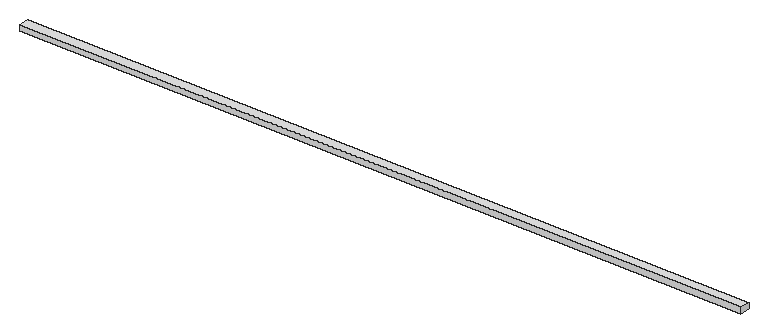
Revit family "MarshallTufflex_ElectricalFittings_TrunkingDado_Mini_MMT4a", category Generic Models, host Face, Revit 2016 (continued)
Definition of nested family "MarshallTufflex_ElectricalFittings_TrunkingDado_RadiusEqualTeeAssembly"
  Parameters (values of type "MarshallTufflex_ElectricalFittings_TrunkingDado_Mini_RadiusEqualTeeAssembly_TDT4-4")
    ModelReference = "Mini"
    ModelNumber = "TDT4-4"
    Model = "Mini"
    MaterialIngredientReporting = "n/a"
    Material = "PVCu"
    ManufacturerWebsite = "www.marshall-tufflex.com"
    ManufacturerName = "Marshall-Tufflex Ltd"
    Manufacturer = "Marshall-Tufflex Ltd"
    LocationOfManufacturer = "N 50°52'39\" E 0°31'41\""
    LifeCycleAnalysis = "n/a"
    LidConfiguration = "Tamper Proof"
    Keynote = "V90"
    InstallationDate [instance] = "Please Record On Commisioning"
    IfcExportType = "IfcCableSegmentType"
    IfcExportAs = "IfcFlowSegment"
    GrossWeight = 0
    GreenGuideforSpecification = 0
    Grade = "n/a"
    Fittings = "www.marshall-tufflex.com"
    Finish = "Matt"
    Features = "Variety of sizes, self-fixing and punched options"
    ExpectedLife = 0
    ErPEnergyLabel = "n/a"
    EnvironmentalProductDeclaration = "n/a"
    EnergyTechnologyList = "n/a"
    EnclosureRating = "IP4X"
    EmbodiedCarbon = 0
    DurationUnit = "Years"
    DocumentationTechnical = "www.marshall-tufflex.com"
    DocumentationMaintenance = "www.marshall-tufflex.com"
    DocumentationLiterature = "www.marshall-tufflex.com"
    DocumentationInstallationGuide = "www.marshall-tufflex.com"
    DocumentationCertificates = "www.marshall-tufflex.com"
    Description = "Trunking Dado MT Mini Radius Equal Tee Assembly TDT4-4"
    Default Elevation = 1200.000 mm
    Daily [instance] = "Please Record On Commisioning"
    CreatedOn = "2018-11-26T09:00:00"
    CreatedBy = "Sales@marshall-tufflex.com"
    Cost = 0
    Constituents = "Mini Trunking"
    Compartments = "No"
    Colour = "White (RAL9003)"
    Color = "White (RAL9003)"
    CodePerformance = "n/a"
    ClassificationValue = "Pr_65_70_11_61"
    ClassificationName = "Uniclass2015"
    CEApproval = "Yes"
    BespokeTimeframe [instance] = "Please Record On Commisioning"
    BarCode [instance] = "Please Record On Commisioning"
    BIMObjectName = "MarshallTufflex_ElectricalFittings_TrunkingDado_Mini_RadiusEqualTeeAssembly_TDT4-4"
    AssetType = "Fixed"
    AssetIdentifier [instance] = "Please Record On Commisioning"
    Assembly Code = "D5010"
    Annually [instance] = "Please Record On Commisioning"
    AccessoryBoxDepth = "n/a"
    Accessories = "www.marshall-tufflex.com"
    AccessibilityPerformance = "n/a"
    AccessClearanceTop = 0.000 mm
    AccessClearanceRight = 0.000 mm
    AccessClearanceRear = 0.000 mm
    AccessClearanceLeft = 0.000 mm
    AccessClearanceFront = 0.000 mm
    AccessClearanceBottom = 0.000 mm
    6Monthly [instance] = "Please Record On Commisioning"
  Reference planes
    plane 1 "Center (Front/Back)": y = 0
    plane 2: z = 0
    plane 3 "Center (Left/Right)": x = 0
    plane 4: y = 20.5
    plane 5: y = -20.5
    plane 6: x = 107
    plane 7: x = 66
    plane 8: z = 27
    plane 9: y = 84.5
    plane 10: y = -84.5
    plane 11: x = 86.5
  Forms (mm)
    Extrusion 1, solid
      sketch origin (0, 0, 0) x (1, 0, 0) y (0, 1, 0)
        loop
          line (-1219.2, 1219.2) -> (-1219.2, -1219.2) -> (1219.2, -1219.2) -> (1219.2, 1219.2) -> (-1219.2, 1219.2)
      from 0 to -304.8
    Extrusion 2, solid
      sketch origin (0, 0, 0) x (1, 0, 0) y (0, 1, 0)
        loop
          line (0, 20.5) -> (0, -20.5) -> (21, -20.5)
          arc (21, -20.5) -> (52.82, -33.68) -> (66, -65.5) r 45
          line (66, -65.5) -> (66, -84.5) -> (107, -84.5) -> (107, 84.5) -> (66, 84.5) -> (66, 65.5)
          arc (66, 65.5) -> (52.82, 33.68) -> (21, 20.5) r 45
          line (21, 20.5) -> (0, 20.5)
      from 0 to 27
  Dimensions and locks
    equal spacing: plane 4, plane 1 "Center (Front/Back)", plane 5
    "NominalDepth": plane 4 to plane 5
    "NominalDepth": plane 7 to plane 6
    "OverallWidth": plane 3 "Center (Left/Right)" to plane 6
    "NominalHeight": Extrusion 1 to plane 8
    equal spacing: plane 9, plane 1 "Center (Front/Back)", plane 10
    "OverallLength": plane 9 to plane 10
    "NominalLength": plane 7 to plane 11
    aligned and locked: plane 2 to Extrusion 1
    aligned and locked: level to Extrusion 1
    aligned and locked: Extrusion 2 sketch curve to plane 7  (x2)
    aligned and locked: plane 9 to Extrusion 2 sketch curve
    aligned and locked: Extrusion 2 sketch curve to plane 4
    aligned and locked: plane 3 "Center (Left/Right)" to Extrusion 2 sketch curve
    aligned and locked: plane 5 to Extrusion 2 sketch curve
    aligned and locked: Extrusion 2 sketch curve to plane 10
    aligned and locked: Extrusion 2 sketch curve to plane 6
    aligned and locked: plane 8 to Extrusion 2
  Automatic sketch dimensions
    Extrusion 1 sketch curve to Extrusion 1 sketch curve = 2438.400 mm  (x2)
    plane 10 to Extrusion 2 sketch curve = 19.000 mm
    plane 3 "Center (Left/Right)" to Extrusion 2 sketch curve = 21.000 mm
Definition of nested family "MarshallTufflex_ElectricalFittings_TrunkingDado_RadiusEqualTeeCover"
  Parameters (values of type "MarshallTufflex_ElectricalFittings_TrunkingDado_Mini_RadiusEqualTeeCover_TDT4-4C")
    _DistributedBy = "www.bimstore.co.uk"
    _CurrentRevision = 1
    _CreatedBy = "www.marshall-tufflex.com"
    _BimSpecGuid = 0
    _BSBibleVersion = 15
    _AuthorizedBy = ""
    _Author = "Marshall-Tufflex Ltd"
    Weekly [instance] = "Please Record On Commisioning"
    WarrantyStartDate [instance] = "Please Record On Commisioning"
    WarrantyID [instance] = "Please Record On Commisioning"
    WarrantyGuarantorParts = "Sales@marshall-tufflex.com"
    WarrantyGuarantorLabor [instance] = "Please Record On Commisioning"
    WarrantyDurationUnit = "Years"
    WarrantyDurationParts = 0
    WarrantyDurationLabor = 0
    WarrantyDescription [instance] = "Please Record On Commisioning"
    URL = "www.marshall-tufflex.com"
    TypeName = "Marshall Tufflex Electrical Fitting Trunking Dado Mini"
    Type Comments = "Dado Trunking MMT4 Radius Equal Tee Cover"
    Type = "Trunking"
    Sub-Type = "Fitting"
    SpareParts = "Sales@marshall-tufflex.com"
    ShippingWeight = 0
    Shape = "41x27mm"
    SerialNumber [instance] = "Please Record On Commisioning"
    ResponsibleSourcingOfMaterials = "n/a"
    ResponsibleExtractionOfMaterials = "n/a"
    ReplacementCost = "Sales@marshall-tufflex.com"
    ReferencedStandard = "BS EN 50085-1"
    ReferenceStandard = "BS EN 50085-1"
    Quarterly [instance] = "Please Record On Commisioning"
    ProductionYear = "2018"
    ProductRange = "Mini"
    ProductModelNumber = "TDT4-4C"
    ProductLiterature = "www.marshall-tufflex.com"
    OverallWidth = 107.000 mm
    OverallLength = 169.000 mm
    OverallHeight = 27.000 mm
    O&Mmanual = "www.marshall-tufflex.com"
    NominalLength = NominalDepth / 2  # 20.500 mm
    NominalHeight = 27.000 mm
    NominalDepth = 41.000 mm
    NBSReference = "90-55-10/390"
    NBSOfficeMasterTag = "n/a"
    NBSObjectName = "MT MiniRadiusEqualTeeCoverTDT4-4C"
    NBSNote = ""
    NBSDescription = "Proprietry Tunking"
    Monthly [instance] = "Please Record On Commisioning"
    ModelReference = "Mini"
    ModelNumber = "TDT4-4C"
    Model = "Mini"
    MaterialIngredientReporting = "n/a"
    Material = "PVCu"
    ManufacturerWebsite = "www.marshall-tufflex.com"
    ManufacturerName = "Marshall-Tufflex Ltd"
    Manufacturer = "Marshall-Tufflex Ltd"
    LocationOfManufacturer = "N 50°52'39\" E 0°31'41\""
    LifeCycleAnalysis = "n/a"
    LidConfiguration = "Tamper Proof"
    Keynote = "V90"
    InstallationDate [instance] = "Please Record On Commisioning"
    IfcExportType = "IfcCableSegmentType"
    IfcExportAs = "IfcFlowSegment"
    GrossWeight = 0
    GreenGuideforSpecification = 0
    Grade = "n/a"
    Fittings = "www.marshall-tufflex.com"
    Finish = "Matt"
    Features = "Variety of sizes, self-fixing and punched options"
    ExpectedLife = 0
    ErPEnergyLabel = "n/a"
    EnvironmentalProductDeclaration = "n/a"
    EnergyTechnologyList = "n/a"
    EnclosureRating = "IP4X"
    EmbodiedCarbon = 0
    DurationUnit = "Years"
    DocumentationTechnical = "www.marshall-tufflex.com"
    DocumentationMaintenance = "www.marshall-tufflex.com"
    DocumentationLiterature = "www.marshall-tufflex.com"
    DocumentationInstallationGuide = "www.marshall-tufflex.com"
    DocumentationCertificates = "www.marshall-tufflex.com"
    Description = "Trunking Dado MT Mini Radius Equal Tee Cover TDT4-4C"
    Default Elevation = 1200.000 mm
    Daily [instance] = "Please Record On Commisioning"
    CreatedOn = "2018-11-26T09:00:00"
    CreatedBy = "Sales@marshall-tufflex.com"
    Cost = 0
    Constituents = "Mini Trunking"
    Compartments = "No"
    Colour = "White (RAL9003)"
    Color = "White (RAL9003)"
    CodePerformance = "n/a"
    ClassificationValue = "Pr_65_70_11_61"
    ClassificationName = "Uniclass2015"
    CEApproval = "Yes"
    BespokeTimeframe [instance] = "Please Record On Commisioning"
    BarCode [instance] = "Please Record On Commisioning"
    BIMObjectName = "MarshallTufflex_ElectricalFittings_TrunkingDado_Mini_RadiusEqualTeeCover_TDT4-4C"
    AssetType = "Fixed"
    AssetIdentifier [instance] = "Please Record On Commisioning"
    Assembly Code = "D5010"
    Annually [instance] = "Please Record On Commisioning"
    AccessoryBoxDepth = "n/a"
    Accessories = "www.marshall-tufflex.com"
    AccessibilityPerformance = "n/a"
    AccessClearanceTop = 0.000 mm
    AccessClearanceRight = 0.000 mm
    AccessClearanceRear = 0.000 mm
    AccessClearanceLeft = 0.000 mm
    AccessClearanceFront = 0.000 mm
    AccessClearanceBottom = 0.000 mm
    6Monthly [instance] = "Please Record On Commisioning"
  Reference planes
    plane 1 "Center (Front/Back)": y = 0
    plane 2: z = 0
    plane 3 "Center (Left/Right)": x = 0
    plane 4: y = 20.5
    plane 5: y = -20.5
    plane 6: x = 107
    plane 7: x = 66
    plane 8: z = 27
    plane 9: y = 84.5
    plane 10: y = -84.5
    plane 11: x = 86.5
  Forms (mm)
    Extrusion 1, solid
      sketch origin (0, 0, 0) x (1, 0, 0) y (0, 1, 0)
        loop
          line (-1219.2, 1219.2) -> (-1219.2, -1219.2) -> (1219.2, -1219.2) -> (1219.2, 1219.2) -> (-1219.2, 1219.2)
      from 0 to -304.8
    Extrusion 2, solid
      sketch origin (0, 0, 0) x (1, 0, 0) y (0, 1, 0)
        loop
          line (0, 20.5) -> (0, -20.5) -> (21, -20.5)
          arc (21, -20.5) -> (52.82, -33.68) -> (66, -65.5) r 45
          line (66, -65.5) -> (66, -84.5) -> (107, -84.5) -> (107, 84.5) -> (66, 84.5) -> (66, 65.5)
          arc (66, 65.5) -> (52.82, 33.68) -> (21, 20.5) r 45
          line (21, 20.5) -> (0, 20.5)
      from 0 to 27
  Dimensions and locks
    equal spacing: plane 4, plane 1 "Center (Front/Back)", plane 5
    "NominalDepth": plane 4 to plane 5
    "NominalDepth": plane 7 to plane 6
    "OverallWidth": plane 3 "Center (Left/Right)" to plane 6
    "NominalHeight": Extrusion 1 to plane 8
    equal spacing: plane 9, plane 1 "Center (Front/Back)", plane 10
    "OverallLength": plane 9 to plane 10
    "NominalLength": plane 7 to plane 11
    aligned and locked: plane 2 to Extrusion 1
    aligned and locked: level to Extrusion 1
    aligned and locked: Extrusion 2 sketch curve to plane 7  (x2)
    aligned and locked: plane 9 to Extrusion 2 sketch curve
    aligned and locked: Extrusion 2 sketch curve to plane 4
    aligned and locked: plane 3 "Center (Left/Right)" to Extrusion 2 sketch curve
    aligned and locked: plane 5 to Extrusion 2 sketch curve
    aligned and locked: Extrusion 2 sketch curve to plane 10
    aligned and locked: Extrusion 2 sketch curve to plane 6
    aligned and locked: plane 8 to Extrusion 2
  Automatic sketch dimensions
    Extrusion 1 sketch curve to Extrusion 1 sketch curve = 2438.400 mm  (x2)
    plane 10 to Extrusion 2 sketch curve = 19.000 mm
    plane 3 "Center (Left/Right)" to Extrusion 2 sketch curve = 21.000 mm
Definition of nested family "MarshallTufflex_ElectricalFittings_TrunkingDado_SquareUnequalTee"
  Parameters (values of type "MarshallTufflex_ElectricalFittings_TrunkingDado_Mini_SquareUnequalTee_TT4-3")
    _DistributedBy = "www.bimstore.co.uk"
    _CurrentRevision = 1
    _CreatedBy = "www.marshall-tufflex.com"
    _BimSpecGuid = 0
    _BSBibleVersion = 15
    _AuthorizedBy = ""
    _Author = "Marshall-Tufflex Ltd"
    Weekly [instance] = "Please Record On Commisioning"
    WarrantyStartDate [instance] = "Please Record On Commisioning"
    WarrantyID [instance] = "Please Record On Commisioning"
    WarrantyGuarantorParts = "Sales@marshall-tufflex.com"
    WarrantyGuarantorLabor [instance] = "Please Record On Commisioning"
    WarrantyDurationUnit = "Years"
    WarrantyDurationParts = 0
    WarrantyDurationLabor = 0
    WarrantyDescription [instance] = "Please Record On Commisioning"
    URL = "www.marshall-tufflex.com"
    TypeName = "Marshall Tufflex Electrical Fitting Trunking Dado Mini"
    Type Comments = "Dado Trunking MMT4/MMT3 Square Unequal Tee"
    Type = "Trunking"
    Sub-Type = "Fitting"
    SpareParts = "Sales@marshall-tufflex.com"
    ShippingWeight = 0
    Shape = "41x27mm"
    SerialNumber [instance] = "Please Record On Commisioning"
    ResponsibleSourcingOfMaterials = "n/a"
    ResponsibleExtractionOfMaterials = "n/a"
    ReplacementCost = "Sales@marshall-tufflex.com"
    ReferencedStandard = "BS EN 50085-1"
    ReferenceStandard = "BS EN 50085-1"
    Quarterly [instance] = "Please Record On Commisioning"
    ProductionYear = "2018"
    ProductRange = "Mini"
    ProductModelNumber = "TT4-3"
    ProductLiterature = "www.marshall-tufflex.com"
    OverallWidth = 57.000 mm
    OverallLength = 73.000 mm
    OverallHeight = 18.000 mm
    O&Mmanual = "www.marshall-tufflex.com"
    NominalLength = NominalDepth / 2  # 20.500 mm
    NominalHeight = 27.000 mm
    NominalDepth2 = 41.000 mm
    NominalDepth = 41.000 mm
    NBSReference = "90-55-10/390"
    NBSOfficeMasterTag = "n/a"
    NBSObjectName = "MT MiniSquareUnequalTeeTT4-3"
    NBSNote = ""
    NBSDescription = "Proprietry Tunking"
    Monthly [instance] = "Please Record On Commisioning"
    ModelReference = "Mini"
    ModelNumber = "TT4-3"
    Model = "Mini"
    MaterialIngredientReporting = "n/a"
    Material = "PVCu"
    ManufacturerWebsite = "www.marshall-tufflex.com"
    ManufacturerName = "Marshall-Tufflex Ltd"
    Manufacturer = "Marshall-Tufflex Ltd"
    LocationOfManufacturer = "N 50°52'39\" E 0°31'41\""
    LifeCycleAnalysis = "n/a"
    LidConfiguration = "Tamper Proof"
    Keynote = "V90"
    InstallationDate [instance] = "Please Record On Commisioning"
    IfcExportType = "IfcCableSegmentType"
    IfcExportAs = "IfcFlowSegment"
    GrossWeight = 0
    GreenGuideforSpecification = 0
    Grade = "n/a"
    Fittings = "www.marshall-tufflex.com"
    Finish = "Matt"
    Features = "Variety of sizes, self-fixing and punched options"
    ExpectedLife = 0
    ErPEnergyLabel = "n/a"
    EnvironmentalProductDeclaration = "n/a"
    EnergyTechnologyList = "n/a"
    EnclosureRating = "IP4X"
    EmbodiedCarbon = 0
    DurationUnit = "Years"
    DocumentationTechnical = "www.marshall-tufflex.com"
    DocumentationMaintenance = "www.marshall-tufflex.com"
    DocumentationLiterature = "www.marshall-tufflex.com"
    DocumentationInstallationGuide = "www.marshall-tufflex.com"
    DocumentationCertificates = "www.marshall-tufflex.com"
    Description = "Trunking Dado MT Mini Square Unequal Tee TT4-3"
    Default Elevation = 1200.000 mm
    Daily [instance] = "Please Record On Commisioning"
    CreatedOn = "2018-11-26T09:00:00"
    CreatedBy = "Sales@marshall-tufflex.com"
    Cost = 0
    Constituents = "Mini Trunking"
    Compartments = "No"
    Colour = "White (RAL9003)"
    Color = "White (RAL9003)"
    CodePerformance = "n/a"
    ClassificationValue = "Pr_65_70_11_61"
    ClassificationName = "Uniclass2015"
    CEApproval = "Yes"
    BespokeTimeframe [instance] = "Please Record On Commisioning"
    BarCode [instance] = "Please Record On Commisioning"
    BIMObjectName = "MarshallTufflex_ElectricalFittings_TrunkingDado_Mini_SquareUnequalTee_TT4-3"
    AssetType = "Fixed"
    AssetIdentifier [instance] = "Please Record On Commisioning"
    Assembly Code = "D5010"
    Annually [instance] = "Please Record On Commisioning"
    AccessoryBoxDepth = "n/a"
    Accessories = "www.marshall-tufflex.com"
    AccessibilityPerformance = "n/a"
    AccessClearanceTop = 0.000 mm
    AccessClearanceRight = 0.000 mm
    AccessClearanceRear = 0.000 mm
    AccessClearanceLeft = 0.000 mm
    AccessClearanceFront = 0.000 mm
    AccessClearanceBottom = 0.000 mm
    6Monthly [instance] = "Please Record On Commisioning"
  Types (6, lengths in mm): name | Type Comments | Shape | ProductModelNumber | OverallWidth | OverallLength | NominalLength | NominalHeight | NominalDepth2 | NominalDepth | NBSObjectName | ModelNumber | Description | BIMObjectName
    MarshallTufflex_ElectricalFittings_TrunkingDado_Mini_SquareUnequalTee_TT2-1 | "Dado Trunking MMT2/MMT1 Square Unequal Tee" | "28x18mm" | "TT2-1" | 44.000 | 60.000 | 14.000 | 18.000 | 19.000 | 28.000 | "MT MiniSquareUnequalTeeTT2-1" | "TT2-1" | "Trunking Dado MT Mini Square Unequal Tee TT2-1" | "MarshallTufflex_ElectricalFittings_TrunkingDado_Mini_SquareUnequalTee_TT2-1"
    MarshallTufflex_ElectricalFittings_TrunkingDado_Mini_SquareUnequalTee_TT3-1 | "Dado Trunking MMT3/MMT1 Square Unequal Tee" | "41x18mm" | "TT3-1" | 57.000 | 73.000 | 20.500 | 18.000 | 19.000 | 41.000 | "MT MiniSquareUnequalTeeTT3-1" | "TT3-1" | "Trunking Dado MT Mini Square Unequal Tee TT3-1" | "MarshallTufflex_ElectricalFittings_TrunkingDado_Mini_SquareUnequalTee_TT3-1"
    MarshallTufflex_ElectricalFittings_TrunkingDado_Mini_SquareUnequalTee_TT3-2 | "Dado Trunking MMT3/MMT2 Square Unequal Tee" | "41x16mm" | "TT3-2" | 57.000 | 73.000 | 20.500 | 18.000 | 28.000 | 41.000 | "MT MiniSquareUnequalTeeTT3-2" | "TT3-2" | "Trunking Dado MT Mini Square Unequal Tee TT3-2" | "MarshallTufflex_ElectricalFittings_TrunkingDado_Mini_SquareUnequalTee_TT3-2"
    MarshallTufflex_ElectricalFittings_TrunkingDado_Mini_SquareUnequalTee_TT4-1 | "Dado Trunking MMT4/MMT1 Square Unequal Tee" | "41x27mm" | "TT4-1" | 57.000 | 73.000 | 20.500 | 27.000 | 19.000 | 41.000 | "MT MiniSquareunequalTeeTT4-1" | "TT4-1" | "Trunking Dado MT Mini Square Unequal Tee TT4-1" | "MarshallTufflex_ElectricalFittings_TrunkingDado_Mini_SquareUnequalTee_TT4-1"
    MarshallTufflex_ElectricalFittings_TrunkingDado_Mini_SquareUnequalTee_TT4-2 | "Dado Trunking MMT4/MMT2 Square Unequal Tee" | "41x27mm" | "TT4-2" | 57.000 | 73.000 | 20.500 | 27.000 | 28.000 | 41.000 | "MT MiniSquareUnequalTeeTT4-2" | "TT4-2" | "Trunking Dado MT Mini Square Unequal Tee TT4-2" | "MarshallTufflex_ElectricalFittings_TrunkingDado_Mini_SquareUnequalTee_TT4-2"
    MarshallTufflex_ElectricalFittings_TrunkingDado_Mini_SquareUnequalTee_TT4-3 | "Dado Trunking MMT4/MMT3 Square Unequal Tee" | "41x27mm" | "TT4-3" | 57.000 | 73.000 | 20.500 | 27.000 | 41.000 | 41.000 | "MT MiniSquareUnequalTeeTT4-3" | "TT4-3" | "Trunking Dado MT Mini Square Unequal Tee TT4-3" | "MarshallTufflex_ElectricalFittings_TrunkingDado_Mini_SquareUnequalTee_TT4-3"
  Reference planes
    plane 1 "Center (Front/Back)": y = 0
    plane 2: z = 0
    plane 3 "Center (Left/Right)": x = 0
    plane 4: y = 20.5
    plane 5: y = -20.5
    plane 6: x = 57
    plane 7: x = 16
    plane 8: z = 27
    plane 9: y = 36.5
    plane 10: y = -36.5
    plane 11: x = 36.5
    plane 12: z = 18
  Forms (mm)
    Extrusion 1, solid
      sketch origin (0, 0, 0) x (1, 0, 0) y (0, 1, 0)
        loop
          line (-1219.2, 1219.2) -> (-1219.2, -1219.2) -> (1219.2, -1219.2) -> (1219.2, 1219.2) -> (-1219.2, 1219.2)
      from 0 to -304.8
    Extrusion 2, solid
      sketch origin (0, 0, 0) x (1, 0, 0) y (0, 1, 0)
        loop
          line (16, 36.5) -> (16, -36.5) -> (57, -36.5) -> (57, 36.5) -> (16, 36.5)
      from 0 to 27
    Extrusion 3, solid
      sketch origin (0, 0, 0) x (1, 0, 0) y (0, 1, 0)
        loop
          line (0, 20.5) -> (0, -20.5) -> (16, -20.5) -> (16, 20.5) -> (0, 20.5)
      from 0 to 18
  Cuts and joins
    joined: Extrusion 2, Extrusion 3
  Dimensions and locks
    equal spacing: plane 4, plane 1 "Center (Front/Back)", plane 5
    "NominalDepth2": plane 4 to plane 5
    "NominalDepth": plane 7 to plane 6
    "OverallWidth": plane 3 "Center (Left/Right)" to plane 6
    "NominalHeight": Extrusion 1 to plane 8
    equal spacing: plane 9, plane 1 "Center (Front/Back)", plane 10
    "OverallLength": plane 9 to plane 10
    "NominalLength": plane 7 to plane 11
    "OverallHeight": Extrusion 1 to plane 12
    aligned and locked: plane 2 to Extrusion 1
    aligned and locked: level to Extrusion 1
    aligned and locked: Extrusion 2 sketch curve to plane 9
    aligned and locked: Extrusion 2 sketch curve to plane 7
    aligned and locked: Extrusion 2 sketch curve to plane 10
    aligned and locked: Extrusion 2 sketch curve to plane 6
    aligned and locked: Extrusion 3 sketch curve to plane 4
    aligned and locked: plane 3 "Center (Left/Right)" to Extrusion 3 sketch curve
    aligned and locked: plane 5 to Extrusion 3 sketch curve
    aligned and locked: Extrusion 2 to Extrusion 3 sketch curve
    aligned and locked: plane 8 to Extrusion 2
    aligned and locked: plane 12 to Extrusion 3
  Automatic sketch dimensions
    Extrusion 1 sketch curve to Extrusion 1 sketch curve = 2438.400 mm  (x2)
Definition of nested family "MarshallTufflex_ElectricalFittings_TrunkingDado_CeilingTee"
  Parameters (values of type "MarshallTufflex_ElectricalFittings_TrunkingDado_Mini_CeilingTee_TCT4-2")
    _DistributedBy = "www.bimstore.co.uk"
    _CurrentRevision = 1
    _CreatedBy = "www.marshall-tufflex.com"
    _BimSpecGuid = 0
    _BSBibleVersion = 15
    _AuthorizedBy = ""
    _Author = "Marshall-Tufflex Ltd"
    Weekly [instance] = "Please Record On Commisioning"
    WarrantyStartDate [instance] = "Please Record On Commisioning"
    WarrantyID [instance] = "Please Record On Commisioning"
    WarrantyGuarantorParts = "Sales@marshall-tufflex.com"
    WarrantyGuarantorLabor [instance] = "Please Record On Commisioning"
    WarrantyDurationUnit = "Years"
    WarrantyDurationParts = 0
    WarrantyDurationLabor = 0
    WarrantyDescription [instance] = "Please Record On Commisioning"
    URL = "www.marshall-tufflex.com"
    TypeName = "Marshall Tufflex Electrical Fitting Trunking Dado Mini"
    Type Comments = "Dado Trunking MMT4/MMT2 Ceiling Tee"
    Type = "Trunking"
    Sub-Type = "Fitting"
    SpareParts = "Sales@marshall-tufflex.com"
    ShippingWeight = 0
    Shape = "41x27mm"
    SerialNumber [instance] = "Please Record On Commisioning"
    ResponsibleSourcingOfMaterials = "n/a"
    ResponsibleExtractionOfMaterials = "n/a"
    ReplacementCost = "Sales@marshall-tufflex.com"
    ReferencedStandard = "BS EN 50085-1"
    ReferenceStandard = "BS EN 50085-1"
    Quarterly [instance] = "Please Record On Commisioning"
    ProductionYear = "2018"
    ProductRange = "Mini"
    ProductModelNumber = "TCT4-2"
    ProductLiterature = "www.marshall-tufflex.com"
    OverallWidth = 0.000 mm
    OverallLength = 60.000 mm
    OverallHeight = 19.000 mm
    O&Mmanual = "www.marshall-tufflex.com"
    NominalLength = NominalDepth / 2  # 20.500 mm
    NominalHeight = 27.000 mm
    NominalDepth2 = 28.000 mm
    NominalDepth = 41.000 mm
    NBSReference = "90-55-10/390"
    NBSOfficeMasterTag = "n/a"
    NBSObjectName = "MT MiniCeilingTeeTCT4-2"
    NBSNote = ""
    NBSDescription = "Proprietry Tunking"
    Monthly [instance] = "Please Record On Commisioning"
    ModelReference = "Mini"
    ModelNumber = "TCT4-2"
    Model = "Mini"
    MaterialIngredientReporting = "n/a"
    Material = "PVCu"
    ManufacturerWebsite = "www.marshall-tufflex.com"
    ManufacturerName = "Marshall-Tufflex Ltd"
    Manufacturer = "Marshall-Tufflex Ltd"
    LocationOfManufacturer = "N 50°52'39\" E 0°31'41\""
    LifeCycleAnalysis = "n/a"
    LidConfiguration = "Tamper Proof"
    Keynote = "V90"
    InstallationDate [instance] = "Please Record On Commisioning"
    IfcExportType = "IfcCableSegmentType"
    IfcExportAs = "IfcFlowSegment"
    GrossWeight = 0
    GreenGuideforSpecification = 0
    Grade = "n/a"
    Fittings = "www.marshall-tufflex.com"
    Finish = "Matt"
    Features = "Variety of sizes, self-fixing and punched options"
    ExpectedLife = 0
    ErPEnergyLabel = "n/a"
    EnvironmentalProductDeclaration = "n/a"
    EnergyTechnologyList = "n/a"
    EnclosureRating = "IP4X"
    EmbodiedCarbon = 0
    DurationUnit = "Years"
    DocumentationTechnical = "www.marshall-tufflex.com"
    DocumentationMaintenance = "www.marshall-tufflex.com"
    DocumentationLiterature = "www.marshall-tufflex.com"
    DocumentationInstallationGuide = "www.marshall-tufflex.com"
    DocumentationCertificates = "www.marshall-tufflex.com"
    Description = "Trunking Dado MT Mini Ceiling Tee TCT4-2"
    Default Elevation = 1200.000 mm
    Daily [instance] = "Please Record On Commisioning"
    CreatedOn = "2018-11-26T09:00:00"
    CreatedBy = "Sales@marshall-tufflex.com"
    Cost = 0
    Constituents = "Mini Trunking"
    Compartments = "No"
    Colour = "White (RAL9003)"
    Color = "White (RAL9003)"
    CodePerformance = "n/a"
    ClassificationValue = "Pr_65_70_11_61"
    ClassificationName = "Uniclass2015"
    CEApproval = "Yes"
    BespokeTimeframe [instance] = "Please Record On Commisioning"
    BarCode [instance] = "Please Record On Commisioning"
    BIMObjectName = "MarshallTufflex_ElectricalFittings_TrunkingDado_Mini_CeilingTee_TCT4-2"
    AssetType = "Fixed"
    AssetIdentifier [instance] = "Please Record On Commisioning"
    Assembly Code = "D5010"
    Annually [instance] = "Please Record On Commisioning"
    AccessoryBoxDepth = "n/a"
    Accessories = "www.marshall-tufflex.com"
    AccessibilityPerformance = "n/a"
    AccessClearanceTop = 0.000 mm
    AccessClearanceRight = 0.000 mm
    AccessClearanceRear = 0.000 mm
    AccessClearanceLeft = 0.000 mm
    AccessClearanceFront = 0.000 mm
    AccessClearanceBottom = 0.000 mm
    6Monthly [instance] = "Please Record On Commisioning"
  Types (4, lengths in mm): name | Type Comments | Shape | ProductModelNumber | NominalLength | NominalHeight | NominalDepth2 | NominalDepth | NBSObjectName | ModelNumber | Description | BIMObjectName
    MarshallTufflex_ElectricalFittings_TrunkingDado_Mini_CeilingTee_TCT1-1 | "Dado Trunking Ceiling Tee" | "19x19mm" | "TCT1-1" | 9.500 | 19.000 | 19.000 | 19.000 | "MT MiniCeilingTeeTCT1-1" | "TCT1-1" | "Trunking Dado MT Mini Ceiling Tee TCT1-1" | "MarshallTufflex_ElectricalFittings_TrunkingDado_Mini_CeilingTee_TCT1-1"
    MarshallTufflex_ElectricalFittings_TrunkingDado_Mini_CeilingTee_TCT2-1 | "Dado Trunking MMT2/MMT1 Ceiling Tee" | "28x19mm" | "TCT2-1" | 14.000 | 19.000 | 19.000 | 28.000 | "MT MiniCeilingTeeTCT2-1" | "TCT2-1" | "Trunking Dado MT Mini Ceiling Tee TCT2-1" | "MarshallTufflex_ElectricalFittings_TrunkingDado_Mini_CeilingTee_TCT2-1"
    MarshallTufflex_ElectricalFittings_TrunkingDado_Mini_CeilingTee_TCT2-2 | "Dado Trunking Ceiling Tee" | "28x19mm" | "TCT2-2" | 14.000 | 19.000 | 28.000 | 28.000 | "MT MiniCeilingTeeTCT2-2" | "TCT2-2" | "Trunking Dado MT Mini Ceiling Tee TCT2-2" | "MarshallTufflex_ElectricalFittings_TrunkingDado_Mini_CeilingTee_TCT2-2"
    MarshallTufflex_ElectricalFittings_TrunkingDado_Mini_CeilingTee_TCT4-2 | "Dado Trunking MMT4/MMT2 Ceiling Tee" | "41x27mm" | "TCT4-2" | 20.500 | 27.000 | 28.000 | 41.000 | "MT MiniCeilingTeeTCT4-2" | "TCT4-2" | "Trunking Dado MT Mini Ceiling Tee TCT4-2" | "MarshallTufflex_ElectricalFittings_TrunkingDado_Mini_CeilingTee_TCT4-2"
  Reference planes
    plane 1 "Center (Front/Back)": y = 0
    plane 2: z = 0
    plane 3 "Center (Left/Right)": x = 0
    plane 4: y = 14
    plane 5: y = -14
    plane 6: z = 27
    plane 7: y = 30
    plane 8: y = -30
    plane 9: x = 20.5
    plane 10: z = 46
    plane 11: x = 41
  Forms (mm)
    Extrusion 1, solid
      sketch origin (0, 0, 0) x (1, 0, 0) y (0, 1, 0)
        loop
          line (-1219.2, 1219.2) -> (-1219.2, -1219.2) -> (1219.2, -1219.2) -> (1219.2, 1219.2) -> (-1219.2, 1219.2)
      from 0 to -304.8
    Extrusion 2, solid
      sketch origin (0, 0, 0) x (1, 0, 0) y (0, 1, 0)
        loop
          line (0, 30) -> (0, -30) -> (41, -30) -> (41, 30) -> (0, 30)
      from 0 to 27
    Extrusion 3, solid
      sketch origin (1, 0, 0) x (1, 0, 0) y (0, 1, 0)
        loop
          line (-1, 14) -> (-1, -14) -> (26, -14) -> (26, 14) -> (-1, 14)
      from 27 to 46
  Cuts and joins
    joined: Extrusion 2, Extrusion 3
  Dimensions and locks
    equal spacing: plane 4, plane 1 "Center (Front/Back)", plane 5
    "NominalDepth2": plane 4 to plane 5
    "NominalHeight": Extrusion 1 to plane 6
    equal spacing: plane 7, plane 1 "Center (Front/Back)", plane 8
    "OverallLength": plane 7 to plane 8
    "NominalDepth": plane 3 "Center (Left/Right)" to plane 11
    "NominalLength": plane 3 "Center (Left/Right)" to plane 9
    "OverallHeight": plane 6 to plane 10
    "NominalHeight": plane 3 "Center (Left/Right)" to Extrusion 3 sketch curve
    aligned and locked: plane 2 to Extrusion 1
    aligned and locked: level to Extrusion 1
    aligned and locked: Extrusion 2 sketch curve to plane 7
    aligned and locked: plane 3 "Center (Left/Right)" to Extrusion 2 sketch curve
    aligned and locked: plane 8 to Extrusion 2 sketch curve
    aligned and locked: Extrusion 2 sketch curve to plane 11
    aligned and locked: plane 6 to Extrusion 2
    aligned and locked: Extrusion 3 sketch curve to plane 4
    aligned and locked: plane 3 "Center (Left/Right)" to Extrusion 3 sketch curve
    aligned and locked: plane 10 to Extrusion 3
    aligned and locked: Extrusion 3 to plane 6
  Automatic sketch dimensions
    Extrusion 1 sketch curve to Extrusion 1 sketch curve = 2438.400 mm  (x2)
    Extrusion 3 sketch curve to plane 5 = 0.000 mm
Definition of nested family "MarshallTufflex_ElectricalFittings_TrunkingDado_InternalBend"
  Parameters (values of type "MarshallTufflex_ElectricalFittings_TrunkingDado_Mini_InternalBend_TIB5")
    _DistributedBy = "www.bimstore.co.uk"
    _CurrentRevision = 1
    _CreatedBy = "www.marshall-tufflex.com"
    _BimSpecGuid = 0
    _BSBibleVersion = 15
    _AuthorizedBy = ""
    _Author = "Marshall-Tufflex Ltd"
    Weekly [instance] = "Please Record On Commisioning"
    WarrantyStartDate [instance] = "Please Record On Commisioning"
    WarrantyID [instance] = "Please Record On Commisioning"
    WarrantyGuarantorParts = "Sales@marshall-tufflex.com"
    WarrantyGuarantorLabor [instance] = "Please Record On Commisioning"
    WarrantyDurationUnit = "Years"
    WarrantyDurationParts = 0
    WarrantyDurationLabor = 0
    WarrantyDescription [instance] = "Please Record On Commisioning"
    URL = "www.marshall-tufflex.com"
    TypeName = "Marshall Tufflex Electrical Fitting Trunking Dado Mini"
    Type Comments = "Dado Trunking MMT5 Internal Bend"
    Type = "Trunking"
    Sub-Type = "Fitting"
    SpareParts = "Sales@marshall-tufflex.com"
    ShippingWeight = 0
    Shape = "50x25mm"
    SerialNumber [instance] = "Please Record On Commisioning"
    ResponsibleSourcingOfMaterials = "n/a"
    ResponsibleExtractionOfMaterials = "n/a"
    ReplacementCost = "Sales@marshall-tufflex.com"
    ReferencedStandard = "BS EN 50085-1"
    ReferenceStandard = "BS EN 50085-1"
    Quarterly [instance] = "Please Record On Commisioning"
    ProductionYear = "2018"
    ProductRange = "Mini"
    ProductModelNumber = "TIB5"
    ProductLiterature = "www.marshall-tufflex.com"
    OverallWidth = 53.000 mm
    OverallLength = 44.000 mm
    OverallHeight = 27.000 mm
    O&Mmanual = "www.marshall-tufflex.com"
    NominalLength = 0.000 mm
    NominalHeight = 0.000 mm
    NominalDepth = 0.000 mm
    NBSReference = "90-55-10/390"
    NBSOfficeMasterTag = "n/a"
    NBSObjectName = "MT MiniInternalBendTIB5"
    NBSNote = ""
    NBSDescription = "Proprietry Tunking"
    Monthly [instance] = "Please Record On Commisioning"
    ModelReference = "Mini"
    ModelNumber = "TIB5"
    Model = "Mini"
    MaterialIngredientReporting = "n/a"
    Material = "PVCu"
    ManufacturerWebsite = "www.marshall-tufflex.com"
    ManufacturerName = "Marshall-Tufflex Ltd"
    Manufacturer = "Marshall-Tufflex Ltd"
    LocationOfManufacturer = "N 50°52'39\" E 0°31'41\""
    LifeCycleAnalysis = "n/a"
    LidConfiguration = "Tamper Proof"
    Keynote = "V90"
    InstallationDate [instance] = "Please Record On Commisioning"
    IfcExportType = "IfcCableSegmentType"
    IfcExportAs = "IfcFlowSegment"
    GrossWeight = 0
    GreenGuideforSpecification = 0
    Grade = "n/a"
    Fittings = "www.marshall-tufflex.com"
    Finish = "Matt"
    Features = "Variety of sizes, self-fixing and punched options"
    ExpectedLife = 0
    ErPEnergyLabel = "n/a"
    EnvironmentalProductDeclaration = "n/a"
    EnergyTechnologyList = "n/a"
    EnclosureRating = "IP4X"
    EmbodiedCarbon = 0
    DurationUnit = "Years"
    DocumentationTechnical = "www.marshall-tufflex.com"
    DocumentationMaintenance = "www.marshall-tufflex.com"
    DocumentationLiterature = "www.marshall-tufflex.com"
    DocumentationInstallationGuide = "www.marshall-tufflex.com"
    DocumentationCertificates = "www.marshall-tufflex.com"
    Description = "Trunking Dado MT Mini Internal Bend TIB5"
    Default Elevation = 1200.000 mm
    Daily [instance] = "Please Record On Commisioning"
    CreatedOn = "2018-11-26T09:00:00"
    CreatedBy = "Sales@marshall-tufflex.com"
    Cost = 0
    Constituents = "Mini Trunking"
    Compartments = "No"
    Colour = "White (RAL9003)"
    Color = "White (RAL9003)"
    CodePerformance = "n/a"
    ClassificationValue = "Pr_65_70_11_61"
    ClassificationName = "Uniclass2015"
    CEApproval = "Yes"
    BespokeTimeframe [instance] = "Please Record On Commisioning"
    BarCode [instance] = "Please Record On Commisioning"
    BIMObjectName = "MarshallTufflex_ElectricalFittings_TrunkingDado_Mini_InternalBend_TIB5"
    AssetType = "Fixed"
    AssetIdentifier [instance] = "Please Record On Commisioning"
    Assembly Code = "D5010"
    Annually [instance] = "Please Record On Commisioning"
    AccessoryBoxDepth = "n/a"
    Accessories = "www.marshall-tufflex.com"
    AccessibilityPerformance = "n/a"
    AccessClearanceTop = 0.000 mm
    AccessClearanceRight = 0.000 mm
    AccessClearanceRear = 0.000 mm
    AccessClearanceLeft = 0.000 mm
    AccessClearanceFront = 0.000 mm
    AccessClearanceBottom = 0.000 mm
    6Monthly [instance] = "Please Record On Commisioning"
  Types (6, lengths in mm): name | Type Comments | Shape | ProductModelNumber | OverallWidth | OverallLength | OverallHeight | NBSObjectName | ModelNumber | Description | CreatedOn | BIMObjectName
    MarshallTufflex_ElectricalFittings_TrunkingDado_Mini_InternalBend_TIB1 | "Dado Trunking MMT1 Internal Bend" | "16x16mm" | "TIB1" | 19.000 | 35.000 | 18.000 | "MT MiniInternalBendTIB1" | "TIB1" | "Trunking Dado MT Mini Internal Bend TIB1" | "2018-11-16T09:00:00" | "MarshallTufflex_ElectricalFittings_TrunkingDado_Mini_InternalBend_TIB1"
    MarshallTufflex_ElectricalFittings_TrunkingDado_Mini_InternalBend_TIB2 | "Dado Trunking MMT2 Internal Bend" | "25x16mm" | "TIB2" | 28.000 | 35.000 | 18.000 | "MT MiniInternalBendTIB2" | "TIB2" | "Trunking Dado MT Mini Internal Bend TIB2" | "2018-11-16T09:00:00" | "MarshallTufflex_ElectricalFittings_TrunkingDado_Mini_InternalBend_TIB2"
    MarshallTufflex_ElectricalFittings_TrunkingDado_Mini_InternalBend_TIB3 | "Dado Trunking MMT3 Internal Bend" | "38x16mm" | "TIB3" | 41.000 | 35.000 | 18.000 | "MT MiniInternalBendTIB3" | "TIB3" | "Trunking Dado MT Mini Internal Bend TIB3" | "2018-11-16T09:00:00" | "MarshallTufflex_ElectricalFittings_TrunkingDado_Mini_InternalBend_TIB3"
    MarshallTufflex_ElectricalFittings_TrunkingDado_Mini_InternalBend_TIB4 | "Dado Trunking MMT4 Internal Bend" | "38x25mm" | "TIB4" | 41.000 | 44.000 | 27.000 | "MT MiniInternalBendTIB4" | "TIB4" | "Trunking Dado MT Mini Internal Bend TIB4" | "2018-11-16T09:00:00" | "MarshallTufflex_ElectricalFittings_TrunkingDado_Mini_InternalBend_TIB4"
    MarshallTufflex_ElectricalFittings_TrunkingDado_Mini_InternalBend_TIB5 | "Dado Trunking MMT5 Internal Bend" | "50x25mm" | "TIB5" | 53.000 | 44.000 | 27.000 | "MT MiniInternalBendTIB5" | "TIB5" | "Trunking Dado MT Mini Internal Bend TIB5" | "2018-11-26T09:00:00" | "MarshallTufflex_ElectricalFittings_TrunkingDado_Mini_InternalBend_TIB5"
    MarshallTufflex_ElectricalFittings_TrunkingDado_Mini_InternalBend_TIB6 | "Dado Trunking MMT6 Internal Bend" | "38x38mm" | "TIB6" | 38.000 | 56.000 | 38.000 | "MT MiniInternalBendTIB6" | "TIB6" | "Trunking Dado MT Mini Internal Bend TIB6" | "2018-11-16T09:00:00" | "MarshallTufflex_ElectricalFittings_TrunkingDado_Mini_InternalBend_TIB6"
  Reference planes
    plane 1 "Center (Front/Back)": y = 0
    plane 2: z = 0
    plane 3 "Center (Left/Right)": x = 0
    plane 4: y = 26.5
    plane 5: y = -26.5
    plane 6: x = 17
    plane 7: x = 44
    plane 8: z = 27
    plane 9: z = 44
  Forms (mm)
    Extrusion 1, solid
      sketch origin (0, 0, 0) x (1, 0, 0) y (0, 1, 0)
        loop
          line (-1219.2, 1219.2) -> (-1219.2, -1219.2) -> (1219.2, -1219.2) -> (1219.2, 1219.2) -> (-1219.2, 1219.2)
      from 0 to -304.8
    Extrusion 2, solid
      sketch origin (0, 0, 0) x (1, 0, 0) y (0, 0, 1)
        loop
          line (0, 0) -> (44, 0) -> (44, 44) -> (17, 44) -> (17, 27) -> (0, 27) -> (0, 0)
      from -26.5 to 26.5
  Dimensions and locks
    "OverallHeight": plane 6 to plane 7
    "OverallLength": plane 3 "Center (Left/Right)" to plane 7
    "OverallWidth": plane 4 to plane 5
    equal spacing: plane 4, plane 1 "Center (Front/Back)", plane 5
    "OverallLength": plane 9 to Extrusion 1
    "OverallHeight": plane 8 to Extrusion 1
    aligned and locked: plane 2 to Extrusion 1
    aligned and locked: level to Extrusion 1
    aligned and locked: Extrusion 2 sketch curve to plane 8
    aligned and locked: plane 6 to Extrusion 2 sketch curve
    aligned and locked: Extrusion 2 sketch curve to plane 9
    aligned and locked: Extrusion 2 sketch curve to plane 7
    aligned and locked: plane 3 "Center (Left/Right)" to Extrusion 2 sketch curve
    aligned and locked: Extrusion 1 to Extrusion 2 sketch curve
    aligned and locked: plane 4 to Extrusion 2
    aligned and locked: Extrusion 2 to plane 5
  Automatic sketch dimensions
    Extrusion 1 sketch curve to Extrusion 1 sketch curve = 2438.400 mm  (x2)
Definition of nested family "MarshallTufflex_ElectricalFittings_TrunkingDado_ExternalBend"
  Parameters (values of type "MarshallTufflex_ElectricalFittings_TrunkingDado_Mini_ExternalBend_TEB6")
    _DistributedBy = "www.bimstore.co.uk"
    _CurrentRevision = 1
    _CreatedBy = "www.marshall-tufflex.com"
    _BimSpecGuid = 0
    _BSBibleVersion = 15
    _AuthorizedBy = ""
    _Author = "Marshall-Tufflex Ltd"
    Weekly [instance] = "Please Record On Commisioning"
    WarrantyStartDate [instance] = "Please Record On Commisioning"
    WarrantyID [instance] = "Please Record On Commisioning"
    WarrantyGuarantorParts = "Sales@marshall-tufflex.com"
    WarrantyGuarantorLabor [instance] = "Please Record On Commisioning"
    WarrantyDurationUnit = "Years"
    WarrantyDurationParts = 0
    WarrantyDurationLabor = 0
    WarrantyDescription [instance] = "Please Record On Commisioning"
    URL = "www.marshall-tufflex.com"
    TypeName = "Marshall Tufflex Electrical Fitting Trunking Dado Mini"
    Type Comments = "Dado Trunking MMT6 External Bend"
    Type = "Trunking"
    Sub-Type = "Fitting"
    SpareParts = "Sales@marshall-tufflex.com"
    ShippingWeight = 0
    Shape = "38x38mm"
    SerialNumber [instance] = "Please Record On Commisioning"
    ResponsibleSourcingOfMaterials = "n/a"
    ResponsibleExtractionOfMaterials = "n/a"
    ReplacementCost = "Sales@marshall-tufflex.com"
    ReferencedStandard = "BS EN 50085-1"
    ReferenceStandard = "BS EN 50085-1"
    Quarterly [instance] = "Please Record On Commisioning"
    ProductionYear = "2018"
    ProductRange = "Mini"
    ProductModelNumber = "TEB6"
    ProductLiterature = "www.marshall-tufflex.com"
    OverallWidth = 38.000 mm
    OverallLength = 56.000 mm
    OverallHeight = 38.000 mm
    O&Mmanual = "www.marshall-tufflex.com"
    NominalLength = 0.000 mm
    NominalHeight = 0.000 mm
    NominalDepth = 0.000 mm
    NBSReference = "90-55-10/390"
    NBSOfficeMasterTag = "n/a"
    NBSObjectName = "MT MiniExternalBendTEB6"
    NBSNote = ""
    NBSDescription = "Proprietry Tunking"
    Monthly [instance] = "Please Record On Commisioning"
    ModelReference = "Mini"
    ModelNumber = "TEB6"
    Model = "Mini"
    MaterialIngredientReporting = "n/a"
    Material = "PVCu"
    ManufacturerWebsite = "www.marshall-tufflex.com"
    ManufacturerName = "Marshall-Tufflex Ltd"
    Manufacturer = "Marshall-Tufflex Ltd"
    LocationOfManufacturer = "N 50°52'39\" E 0°31'41\""
    LifeCycleAnalysis = "n/a"
    LidConfiguration = "Tamper Proof"
    Keynote = "V90"
    InstallationDate [instance] = "Please Record On Commisioning"
    IfcExportType = "IfcCableSegmentType"
    IfcExportAs = "IfcFlowSegment"
    GrossWeight = 0
    GreenGuideforSpecification = 0
    Grade = "n/a"
    Fittings = "www.marshall-tufflex.com"
    Finish = "Matt"
    Features = "Variety of sizes, self-fixing and punched options"
    ExpectedLife = 0
    ErPEnergyLabel = "n/a"
    EnvironmentalProductDeclaration = "n/a"
    EnergyTechnologyList = "n/a"
    EnclosureRating = "IP4X"
    EmbodiedCarbon = 0
    DurationUnit = "Years"
    DocumentationTechnical = "www.marshall-tufflex.com"
    DocumentationMaintenance = "www.marshall-tufflex.com"
    DocumentationLiterature = "www.marshall-tufflex.com"
    DocumentationInstallationGuide = "www.marshall-tufflex.com"
    DocumentationCertificates = "www.marshall-tufflex.com"
    Description = "Trunking Dado MT Mini External Bend TEB6"
    Default Elevation = 1200.000 mm
    Daily [instance] = "Please Record On Commisioning"
    CreatedOn = "2018-11-16T09:00:00"
    CreatedBy = "Sales@marshall-tufflex.com"
    Cost = 0
    Constituents = "Mini Trunking"
    Compartments = "No"
    Colour = "White (RAL9003)"
    Color = "White (RAL9003)"
    CodePerformance = "n/a"
    ClassificationValue = "Pr_65_70_11_61"
    ClassificationName = "Uniclass2015"
    CEApproval = "Yes"
    BespokeTimeframe [instance] = "Please Record On Commisioning"
    BarCode [instance] = "Please Record On Commisioning"
    BIMObjectName = "MarshallTufflex_ElectricalFittings_TrunkingDado_Mini_ExternalBend_TEB6"
    AssetType = "Fixed"
    AssetIdentifier [instance] = "Please Record On Commisioning"
    Assembly Code = "D5010"
    Annually [instance] = "Please Record On Commisioning"
    AccessoryBoxDepth = "n/a"
    Accessories = "www.marshall-tufflex.com"
    AccessibilityPerformance = "n/a"
    AccessClearanceTop = 0.000 mm
    AccessClearanceRight = 0.000 mm
    AccessClearanceRear = 0.000 mm
    AccessClearanceLeft = 0.000 mm
    AccessClearanceFront = 0.000 mm
    AccessClearanceBottom = 0.000 mm
    6Monthly [instance] = "Please Record On Commisioning"
  Types (6, lengths in mm): name | Type Comments | Shape | ProductModelNumber | OverallWidth | OverallLength | OverallHeight | NBSObjectName | ModelNumber | Description | CreatedOn | BIMObjectName
    MarshallTufflex_ElectricalFittings_TrunkingDado_Mini_ExternalBend_TEB1 | "Dado Trunking MMT1 External Bend" | "50x25mm" | "TEB1" | 19.000 | 35.000 | 18.000 | "MT MiniExternalBendTEB1" | "TEB1" | "Trunking Dado MT Mini External Bend TEB1" | "2018-11-16T09:00:00" | "MarshallTufflex_ElectricalFittings_TrunkingDado_Mini_ExternalBend_TEB1"
    MarshallTufflex_ElectricalFittings_TrunkingDado_Mini_ExternalBend_TEB2 | "Dado Trunking MMT2 External Bend" | "25x16mm" | "TEB2" | 28.000 | 35.000 | 18.000 | "MT MiniExternalBendTEB2" | "TEB2" | "Trunking Dado MT Mini External Bend TEB2" | "2018-11-16T09:00:00" | "MarshallTufflex_ElectricalFittings_TrunkingDado_Mini_ExternalBend_TEB2"
    MarshallTufflex_ElectricalFittings_TrunkingDado_Mini_ExternalBend_TEB3 | "Dado Trunking MMT3 External Bend" | "38x16mm" | "TEB3" | 41.000 | 35.000 | 18.000 | "MT MiniExternalBendTEB3" | "TEB3" | "Trunking Dado MT Mini External Bend TEB3" | "2018-11-16T09:00:00" | "MarshallTufflex_ElectricalFittings_TrunkingDado_Mini_ExternalBend_TEB3"
    MarshallTufflex_ElectricalFittings_TrunkingDado_Mini_ExternalBend_TEB4 | "Dado Trunking MMT4 External Bend" | "38x25mm" | "TEB4" | 41.000 | 44.000 | 27.000 | "MT MiniExternalBendTEB4" | "TEB4" | "Trunking Dado MT Mini External Bend TEB4" | "2018-11-16T09:00:00" | "MarshallTufflex_ElectricalFittings_TrunkingDado_Mini_ExternalBend_TEB4"
    MarshallTufflex_ElectricalFittings_TrunkingDado_Mini_ExternalBend_TEB5 | "Dado Trunking MMT5 External Bend" | "50x25mm" | "TEB5" | 53.000 | 45.000 | 27.000 | "MT MiniExternalBendTEB5" | "TEB5" | "Trunking Dado MT Mini External Bend TEB5" | "2018-11-26T09:00:00" | "MarshallTufflex_ElectricalFittings_TrunkingDado_Mini_ExternalBend_TEB5"
    MarshallTufflex_ElectricalFittings_TrunkingDado_Mini_ExternalBend_TEB6 | "Dado Trunking MMT6 External Bend" | "38x38mm" | "TEB6" | 38.000 | 56.000 | 38.000 | "MT MiniExternalBendTEB6" | "TEB6" | "Trunking Dado MT Mini External Bend TEB6" | "2018-11-16T09:00:00" | "MarshallTufflex_ElectricalFittings_TrunkingDado_Mini_ExternalBend_TEB6"
  Reference planes
    plane 1 "Center (Front/Back)": y = 0
    plane 2: z = 0
    plane 3 "Center (Left/Right)": x = 0
    plane 4: y = 19
    plane 5: y = -19
    plane 6: x = 18
    plane 7: x = 56
    plane 8: z = 38
    plane 9: z = -18
  Forms (mm)
    Extrusion 1, solid
      sketch origin (0, 0, 0) x (1, 0, 0) y (0, 1, 0)
        loop
          line (-1219.2, 1219.2) -> (-1219.2, -1219.2) -> (1219.2, -1219.2) -> (1219.2, 1219.2) -> (-1219.2, 1219.2)
      from 0 to -304.8
    Extrusion 2, solid
      sketch origin (0, 0, 0) x (1, 0, 0) y (0, 0, 1)
        loop
          line (0, 38) -> (0, 0) -> (18, 0) -> (18, -18) -> (56, -18) -> (56, 38) -> (0, 38)
      from -19 to 19
  Dimensions and locks
    "OverallHeight": plane 6 to plane 7
    "OverallLength": plane 3 "Center (Left/Right)" to plane 7
    "OverallWidth": plane 4 to plane 5
    equal spacing: plane 4, plane 1 "Center (Front/Back)", plane 5
    "OverallHeight": plane 8 to Extrusion 1
    "OverallLength": plane 8 to plane 9
    aligned and locked: plane 2 to Extrusion 1
    aligned and locked: level to Extrusion 1
    aligned and locked: Extrusion 2 sketch curve to plane 8
    aligned and locked: Extrusion 2 sketch curve to plane 7
    aligned and locked: plane 9 to Extrusion 2 sketch curve
    aligned and locked: plane 6 to Extrusion 2 sketch curve
    aligned and locked: Extrusion 1 to Extrusion 2 sketch curve
    aligned and locked: plane 3 "Center (Left/Right)" to Extrusion 2 sketch curve
    aligned and locked: plane 4 to Extrusion 2
    aligned and locked: Extrusion 2 to plane 5
  Automatic sketch dimensions
    Extrusion 1 sketch curve to Extrusion 1 sketch curve = 2438.400 mm  (x2)
Definition of nested family "MarshallTufflex_ElectricalFittings_TrunkingDado_SquareAngle"
  Parameters (values of type "MarshallTufflex_ElectricalFittings_TrunkingDado_Mini_SquareAngle_TFB1")
    _DistributedBy = "www.bimstore.co.uk"
    _CurrentRevision = 1
    _CreatedBy = "www.marshall-tufflex.com"
    _BimSpecGuid = 0
    _BSBibleVersion = 15
    _AuthorizedBy = ""
    _Author = "Marshall-Tufflex Ltd"
    Weekly [instance] = "Please Record On Commisioning"
    WarrantyStartDate [instance] = "Please Record On Commisioning"
    WarrantyID [instance] = "Please Record On Commisioning"
    WarrantyGuarantorParts = "Sales@marshall-tufflex.com"
    WarrantyGuarantorLabor [instance] = "Please Record On Commisioning"
    WarrantyDurationUnit = "Years"
    WarrantyDurationParts = 0
    WarrantyDurationLabor = 0
    WarrantyDescription [instance] = "Please Record On Commisioning"
    URL = "www.marshall-tufflex.com"
    TypeName = "Marshall Tufflex Electrical Fitting Trunking Dado Mini"
    Type Comments = "Dado Trunking MMT1 Square Angle"
    Type = "Trunking"
    Sub-Type = "Fitting"
    SpareParts = "Sales@marshall-tufflex.com"
    ShippingWeight = 0
    Shape = "16x16mm"
    SerialNumber [instance] = "Please Record On Commisioning"
    ResponsibleSourcingOfMaterials = "n/a"
    ResponsibleExtractionOfMaterials = "n/a"
    ReplacementCost = "Sales@marshall-tufflex.com"
    ReferencedStandard = "BS EN 50085-1"
    ReferenceStandard = "BS EN 50085-1"
    Quarterly [instance] = "Please Record On Commisioning"
    ProductionYear = "2018"
    ProductRange = "Mini"
    ProductModelNumber = "TFB1"
    ProductLiterature = "www.marshall-tufflex.com"
    OverallWidth = 19.000 mm
    OverallLength = 35.000 mm
    OverallHeight = 18.000 mm
    O&Mmanual = "www.marshall-tufflex.com"
    NominalLength = 0.000 mm
    NominalHeight = 0.000 mm
    NominalDepth = 0.000 mm
    NBSReference = "90-55-10/390"
    NBSOfficeMasterTag = "n/a"
    NBSObjectName = "MT MiniSquareAngleTFB1"
    NBSNote = ""
    NBSDescription = "Proprietry Tunking"
    Monthly [instance] = "Please Record On Commisioning"
    ModelReference = "Mini"
    ModelNumber = "TFB1"
    Model = "Mini"
    MaterialIngredientReporting = "n/a"
    Material = "PVCu"
    ManufacturerWebsite = "www.marshall-tufflex.com"
    ManufacturerName = "Marshall-Tufflex Ltd"
    Manufacturer = "Marshall-Tufflex Ltd"
    LocationOfManufacturer = "N 50°52'39\" E 0°31'41\""
    LifeCycleAnalysis = "n/a"
    LidConfiguration = "Tamper Proof"
    Keynote = "V90"
    InstallationDate [instance] = "Please Record On Commisioning"
    IfcExportType = "IfcCableSegmentType"
    IfcExportAs = "IfcFlowSegment"
    GrossWeight = 0
    GreenGuideforSpecification = 0
    Grade = "n/a"
    Fittings = "www.marshall-tufflex.com"
    Finish = "Matt"
    Features = "Variety of sizes, self-fixing and punched options"
    ExpectedLife = 0
    ErPEnergyLabel = "n/a"
    EnvironmentalProductDeclaration = "n/a"
    EnergyTechnologyList = "n/a"
    EnclosureRating = "IP4X"
    EmbodiedCarbon = 0
    DurationUnit = "Years"
    DocumentationTechnical = "www.marshall-tufflex.com"
    DocumentationMaintenance = "www.marshall-tufflex.com"
    DocumentationLiterature = "www.marshall-tufflex.com"
    DocumentationInstallationGuide = "www.marshall-tufflex.com"
    DocumentationCertificates = "www.marshall-tufflex.com"
    Description = "Trunking Dado MT Mini Square Angle TFB1"
    Default Elevation = 1200.000 mm
    Daily [instance] = "Please Record On Commisioning"
    CreatedOn = "2018-11-16T09:00:00"
    CreatedBy = "Sales@marshall-tufflex.com"
    Cost = 0
    Constituents = "Mini Trunking"
    Compartments = "No"
    Colour = "White (RAL9003)"
    Color = "White (RAL9003)"
    CodePerformance = "n/a"
    ClassificationValue = "Pr_65_70_11_61"
    ClassificationName = "Uniclass2015"
    CEApproval = "Yes"
    BespokeTimeframe [instance] = "Please Record On Commisioning"
    BarCode [instance] = "Please Record On Commisioning"
    BIMObjectName = "MarshallTufflex_ElectricalFittings_TrunkingDado_Mini_SquareAngle_TFB1"
    AssetType = "Fixed"
    AssetIdentifier [instance] = "Please Record On Commisioning"
    Assembly Code = "D5010"
    Annually [instance] = "Please Record On Commisioning"
    AccessoryBoxDepth = "n/a"
    Accessories = "www.marshall-tufflex.com"
    AccessibilityPerformance = "n/a"
    AccessClearanceTop = 0.000 mm
    AccessClearanceRight = 0.000 mm
    AccessClearanceRear = 0.000 mm
    AccessClearanceLeft = 0.000 mm
    AccessClearanceFront = 0.000 mm
    AccessClearanceBottom = 0.000 mm
    6Monthly [instance] = "Please Record On Commisioning"
  Types (6, lengths in mm): name | Type Comments | Shape | ProductModelNumber | OverallWidth | OverallLength | OverallHeight | NBSObjectName | ModelNumber | Description | CreatedOn | BIMObjectName
    MarshallTufflex_ElectricalFittings_TrunkingDado_Mini_SquareAngle_TFB1 | "Dado Trunking MMT1 Square Angle" | "16x16mm" | "TFB1" | 19.000 | 35.000 | 18.000 | "MT MiniSquareAngleTFB1" | "TFB1" | "Trunking Dado MT Mini Square Angle TFB1" | "2018-11-16T09:00:00" | "MarshallTufflex_ElectricalFittings_TrunkingDado_Mini_SquareAngle_TFB1"
    MarshallTufflex_ElectricalFittings_TrunkingDado_Mini_SquareAngle_TFB2 | "Dado Trunking MMT2 Square Angle" | "25x16mm" | "TFB2" | 28.000 | 44.000 | 18.000 | "MT MiniSquareAngleTFB2" | "TFB2" | "Trunking Dado MT Mini Square Angle TFB2" | "2018-11-16T09:00:00" | "MarshallTufflex_ElectricalFittings_TrunkingDado_Mini_SquareAngleTFB2"
    MarshallTufflex_ElectricalFittings_TrunkingDado_Mini_SquareAngle_TFB3 | "Dado Trunking MMT3 Square Angle" | "38x16mm" | "TFB3" | 41.000 | 57.000 | 18.000 | "MT MiniSquareAngleTFB3" | "TFB3" | "Trunking Dado MT Mini Square Angle TFB3" | "2018-11-16T09:00:00" | "MarshallTufflex_ElectricalFittings_TrunkingDado_Mini_SquareAngle_TFB3"
    MarshallTufflex_ElectricalFittings_TrunkingDado_Mini_SquareAngle_TFB4 | "Dado Trunking MMT4 Square Angle" | "38x25mm" | "TFB4" | 41.000 | 57.000 | 27.000 | "MT MiniSquareAngleTFB4" | "TFB4" | "Trunking Dado MT Mini Square Angle TFB4" | "2018-11-16T09:00:00" | "MarshallTufflex_ElectricalFittings_TrunkingDado_Mini_SquareAngle_TFB4"
    MarshallTufflex_ElectricalFittings_TrunkingDado_Mini_SquareAngle_TFB5 | "Dado Trunking MMT5 Square Angle" | "50x25mm" | "TFB5" | 53.000 | 69.000 | 27.000 | "MT MiniSquareAngleTFB5" | "TFB5" | "Trunking Dado MT Mini Square Angle TFB5" | "2018-11-26T09:00:00" | "MarshallTufflex_ElectricalFittings_TrunkingDado_Mini_SquareAngle_TFB5"
    MarshallTufflex_ElectricalFittings_TrunkingDado_Mini_SquareAngle_TFB6 | "Dado Trunking MMT6 Square Angle" | "38x38mm" | "TFB6" | 42.000 | 58.000 | 40.000 | "MT MiniSquareAngleTFB6" | "TFB6" | "Trunking Dado MT Mini Square Angle TFB6" | "2018-11-16T09:00:00" | "MarshallTufflex_ElectricalFittings_TrunkingDado_Mini_SquareAngle_TFB6"
  Reference planes
    plane 1 "Center (Front/Back)": y = 0
    plane 2: z = 0
    plane 3 "Center (Left/Right)": x = 0
    plane 4: z = 18
    plane 5: y = 9.5
    plane 6: x = 9.5
    plane 7: y = -9.5
    plane 8: x = -9.5
    plane 9: x = -25.5
    plane 10: y = -25.5
  Forms (mm)
    Extrusion 1, solid
      sketch origin (0, 0, 0) x (1, 0, 0) y (0, 1, 0)
        loop
          line (-1219.2, 1219.2) -> (-1219.2, -1219.2) -> (1219.2, -1219.2) -> (1219.2, 1219.2) -> (-1219.2, 1219.2)
      from 0 to -304.8
    Extrusion 2, solid
      sketch origin (0, 0, 0) x (1, 0, 0) y (0, 1, 0)
        loop
          line (-25.5, -9.5) -> (-9.5, -9.5) -> (-9.5, -25.5) -> (9.5, -25.5) -> (9.5, 9.5) -> (-25.5, 9.5) -> (-25.5, -9.5)
      from 0 to 18
  Dimensions and locks
    "OverallHeight": plane 4 to Extrusion 1
    equal spacing: plane 8, plane 3 "Center (Left/Right)", plane 6
    equal spacing: plane 5, plane 1 "Center (Front/Back)", plane 7
    "OverallLength": plane 5 to plane 10
    "OverallWidth": plane 5 to plane 7
    "OverallWidth": plane 8 to plane 6
    "OverallLength": plane 9 to plane 6
    aligned and locked: plane 2 to Extrusion 1
    aligned and locked: level to Extrusion 1
    aligned and locked: plane 7 to Extrusion 2 sketch curve
    aligned and locked: plane 8 to Extrusion 2 sketch curve
    aligned and locked: plane 10 to Extrusion 2 sketch curve
    aligned and locked: Extrusion 2 sketch curve to plane 6
    aligned and locked: Extrusion 2 sketch curve to plane 5
    aligned and locked: plane 9 to Extrusion 2 sketch curve
    aligned and locked: plane 4 to Extrusion 2
  Automatic sketch dimensions
    Extrusion 1 sketch curve to Extrusion 1 sketch curve = 2438.400 mm  (x2)
Definition of nested family "MarshallTufflex_ElectricalFittings_TrunkingDado_RadiusInternalBendCover"
  Parameters (values of type "MarshallTufflex_ElectricalFittings_TrunkingDado_Mini_RadiusInternalBendCover_TIDB4C")
    _DistributedBy = "www.bimstore.co.uk"
    _CurrentRevision = 1
    _CreatedBy = "www.marshall-tufflex.com"
    _BimSpecGuid = 0
    _BSBibleVersion = 15
    _AuthorizedBy = ""
    _Author = "Marshall-Tufflex Ltd"
    Weekly [instance] = "Please Record On Commisioning"
    WarrantyStartDate [instance] = "Please Record On Commisioning"
    WarrantyID [instance] = "Please Record On Commisioning"
    WarrantyGuarantorParts = "Sales@marshall-tufflex.com"
    WarrantyGuarantorLabor [instance] = "Please Record On Commisioning"
    WarrantyDurationUnit = "Years"
    WarrantyDurationParts = 0
    WarrantyDurationLabor = 0
    WarrantyDescription [instance] = "Please Record On Commisioning"
    URL = "www.marshall-tufflex.com"
    TypeName = "Marshall Tufflex Electrical Fitting Trunking Dado Mini"
    Type Comments = "Dado Trunking MMT4 Radius Internal Bend Cover"
    Type = "Trunking"
    Sub-Type = "Fitting"
    SpareParts = "Sales@marshall-tufflex.com"
    ShippingWeight = 0
    Shape = "38x25mm"
    SerialNumber [instance] = "Please Record On Commisioning"
    ResponsibleSourcingOfMaterials = "n/a"
    ResponsibleExtractionOfMaterials = "n/a"
    ReplacementCost = "Sales@marshall-tufflex.com"
    ReferencedStandard = "BS EN 50085-1"
    ReferenceStandard = "BS EN 50085-1"
    Quarterly [instance] = "Please Record On Commisioning"
    ProductionYear = "2018"
    ProductRange = "Mini"
    ProductModelNumber = "TIDB4C"
    ProductLiterature = "www.marshall-tufflex.com"
    OverallWidth = 41.000 mm
    OverallLength = 94.000 mm
    OverallHeight = 27.000 mm
    O&Mmanual = "www.marshall-tufflex.com"
    NominalLength = 0.000 mm
    NominalHeight = 0.000 mm
    NominalDepth = 0.000 mm
    NBSReference = "90-55-10/390"
    NBSOfficeMasterTag = "n/a"
    NBSObjectName = "MT MiniRadiusInternalBendCoverTIDB4C"
    NBSNote = ""
    NBSDescription = "Proprietry Tunking"
    Monthly [instance] = "Please Record On Commisioning"
    ModelReference = "Mini"
    ModelNumber = "TIDB4C"
    Model = "Mini"
    MaterialIngredientReporting = "n/a"
    Material = "PVCu"
    ManufacturerWebsite = "www.marshall-tufflex.com"
    ManufacturerName = "Marshall-Tufflex Ltd"
    Manufacturer = "Marshall-Tufflex Ltd"
    LocationOfManufacturer = "N 50°52'39\" E 0°31'41\""
    LifeCycleAnalysis = "n/a"
    LidConfiguration = "Tamper Proof"
    Keynote = "V90"
    InstallationDate [instance] = "Please Record On Commisioning"
    IfcExportType = "IfcCableSegmentType"
    IfcExportAs = "IfcFlowSegment"
    GrossWeight = 0
    GreenGuideforSpecification = 0
    Grade = "n/a"
    Fittings = "www.marshall-tufflex.com"
    Finish = "Matt"
    Features = "Variety of sizes, self-fixing and punched options"
    ExpectedLife = 0
    ErPEnergyLabel = "n/a"
    EnvironmentalProductDeclaration = "n/a"
    EnergyTechnologyList = "n/a"
    EnclosureRating = "IP4X"
    EmbodiedCarbon = 0
    DurationUnit = "Years"
    DocumentationTechnical = "www.marshall-tufflex.com"
    DocumentationMaintenance = "www.marshall-tufflex.com"
    DocumentationLiterature = "www.marshall-tufflex.com"
